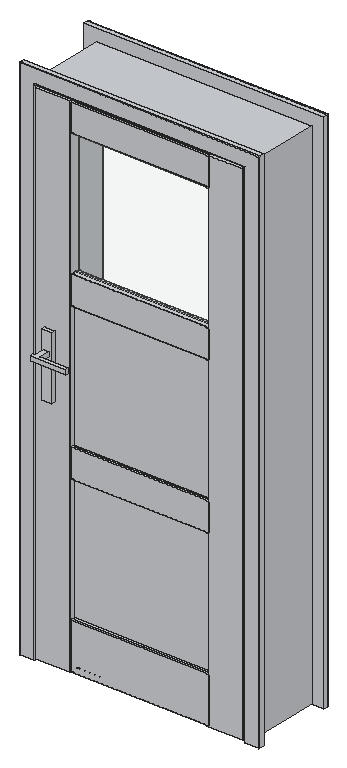
Revit family "b_portagrande_b1_pn60-100", category Drzwi, Revit 2016
Family settings
  Obiekt nadrzędny = Ściana
  Zawsze pionowo = Tak
  Tnij formami wycięć po wczytaniu = Nie
  Współdzielony = Nie
  Punkt obliczania pomieszczeń = Nie
Parameters (values of type "PN 80")
  Zakres szerokości muru [instance] = if(and(Szerokość ściany > 94 mm, Szerokość ściany < 120 mm), "B", (if(and(Szerokość ściany > 119 mm, Szerokość ściany < 140 mm), "C", (if(and(Szerokość ściany > 139 mm, Szerokość ściany < 160 mm), "D", (if(and(Szerokość ściany > 159 mm, Szerokość ściany < 180 mm), "E", (if(and(Szerokość ściany > 179 mm, Szerokość ściany < 200 mm), "F", (if(and(Szerokość ściany > 199 mm, Szerokość ściany < 220 mm), "G", (if(and(Szerokość ściany > 219 mm, Szerokość ściany < 240 mm), "H", (if(and(Szerokość ściany > 239 mm, Szerokość ściany < 260 mm), "I", (if(and(Szerokość ściany > 259 mm, Szerokość ściany < 280 mm), "J", (if(and(Szerokość ściany > 279 mm, Szerokość ściany < 301 mm), "K", "BRAK")))))))))))))))))))  # "K"
  Wysokość brutto = 2060 mm
  Szerokość ściany [instance] = 300 mm
  Szerokość brutto = 880 mm
  Model = "Porta GRANDE B.1"
  Materiał_szyba [instance] = Szkło
  Konstrukcja analityczna = "<Brak>"
  Funkcja = Wewnętrzna
  URL = "www.porta.com.pl"
  Ss = 818 mm
  Sb = 846 mm
  Producent = "PORTA KMI POLAND"  # constant formula
  Keynote = ""
  Opis = "Własność Porta KMI Poland, wszelkie prawa zastrzeżone."  # constant formula
  Wysokość = 2016 mm
  Zakończenie ściany = Wg obiektu nadrzędnego
  Szerokość = 800 mm
  Materiał_skrzydło [instance] = none
  Materiał_ościeżnica [instance] = none
  Materiał_klamka [instance] = none
  Hs = 2017 mm
Types (5, lengths in mm): name | Szerokość brutto | Materiał_szyba | Ss | Sb | Szerokość
  PN 70 | 780 | none | 718 | 746 | 700
  PN 60 | 680 | none | 618 | 646 | 600
  PN 80 | 880 | Szkło | 818 | 846 | 800
  PN 90 | 980 | none | 918 | 946 | 900
  PN 100 | 1080 | none | 1018 | 1046 | 1000
Reference planes
  plane 1: y = 0
  plane 2 "Środek (Lewa/Prawa)": x = 0
  plane 3 "Lewy": x = -440
  plane 4 "Prawy": x = 440
  plane 5: z = 2060
  plane 6 "Zewnętrzna": y = 150
  plane 7 "Wewnętrzna": y = -150
  plane 8 "skrzydło": y = -129
Forms (mm)
  Sweep 1, solid, material <- "Materiał_ościeżnica"
    path in 3D
      loop
        line (-440, -150, 0) -> (-440, -150, 2060) -> (440, -150, 2060) -> (440, -150, 0)
    profile origin (-440, -150, 1030) x (0, -1, 0) y (1, 0, 0)
      loop
        line (-24, 39) -> (-72, 39) -> (-72, 17) -> (0, 17) -> (0, -33) -> (16, -33)
        arc (16, -33) -> (18.121, -32.121) -> (19, -30) r 3
        line (19, -30) -> (19, 24)
        arc (19, 24) -> (18.121, 26.121) -> (16, 27) r 3
        line (16, 27) -> (-24, 27) -> (-24, 39)
  Sweep 2, solid, material <- "Materiał_ościeżnica"
    path in 3D
      loop
        line (440, 150, 0) -> (440, 150, 2060) -> (-440, 150, 2060) -> (-440, 150, 0)
    profile origin (-440, 150, 1030) x (1, 0, 0) y (0, 1, 0)
      loop
        line (-33, 0) -> (17, 0) -> (17, -228) -> (39, -228) -> (39, -1)
        arc (39, -1) -> (37.536, 2.536) -> (34, 4) r 5
        line (34, 4) -> (25, 4) -> (25, 16)
        arc (25, 16) -> (24.121, 18.121) -> (22, 19) r 3
        line (22, 19) -> (-30, 19)
        arc (-30, 19) -> (-32.121, 18.121) -> (-33, 16) r 3
        line (-33, 16) -> (-33, 0)
  Sweep 3, solid, not visible
    path in 3D
      loop
        line (-440, -150, 0) -> (-440, -150, 2060)
    profile origin (-440, -150, 1030) x (0, -1, 0) y (1, 0, 0)
      loop
        line (-151, 17) -> (-149, 17) -> (-149, 19) -> (-151, 19) -> (-151, 17)
Cuts and joins
  joined: Sweep 1, Sweep 2
Lines and regions (mm)
  Opening 1
    outline origin (-3050, -150, 0) x (1, 0, 0) y (0, 0, 1)
      loop
        line (2610, 0) -> (3490, 0) -> (3490, 2060) -> (2610, 2060) -> (2610, 0)
  sketch lines
    curve 1: line (-440, -150, 0) -> (-440, -150, 2060)
    curve 2: line (-440, -150, 2060) -> (440, -150, 2060)
    curve 3: line (440, -150, 2060) -> (440, -150, 0)
    curve 4: line (-440, 150, 2060) -> (-440, 150, 0)
    curve 5: line (440, 150, 2060) -> (-440, 150, 2060)
    curve 6: line (440, 150, 0) -> (440, 150, 2060)
    curve 12: line (-440, -150, 0) -> (-440, -150, 2060)
  symbolic lines, style "DoorsPanelProjection"
    curve 7: line (409, -150, 0) -> (409, -968, 0)
    curve 8: line (409, -968, 0) -> (369, -968, 0)
    curve 9: line (369, -968, 0) -> (369, -150, 0)
    curve 10: line (369, -150, 0) -> (409, -150, 0)
  symbolic lines, style "Ugięcie rzutu"
    curve 11: arc (-409, -150, 0) -> (-169.413, -728.413, 0) -> (409, -968, 0) r 818
Text (mm)
  text "Zewnętrzna" at (-2295.016, 1099.543, 0), in view "Poziom odniesienia"
  text "Zewnętrzna" at (0, 1615.38, 3698.081), in view "Lewy"
  text "Zewnętrzna" at (0, 1036.032, 3874.932), in view "Prawy"
Dimensions and locks
  equal spacing: plane 3 "Lewy", plane 2 "Środek (Lewa/Prawa)", plane 4 "Prawy"
  "Szerokość brutto": plane 3 "Lewy" to plane 4 "Prawy"
  "Wysokość brutto": plane 5 to host wall
  host wall to plane 5 = 2060 mm  (x2)
  locked: plane 6 "Zewnętrzna" to host wall at 0
  locked: plane 7 "Wewnętrzna" to host wall
  "Sb": Sweep 1 to Sweep 1
  locked: Sweep 1 sketch curve to Sweep 1 sketch curve at 22
  Sweep 1 sketch curve to Sweep 1 sketch curve = 50 mm
  locked: Sweep 1 sketch curve to profile plane at 72
  locked: Sweep 2 sketch curve to Sweep 2 sketch curve at 50
  locked: Sweep 2 sketch curve to Sweep 2 sketch curve at 22
  locked: Sweep 2 sketch curve to plane 6 "Zewnętrzna" at 1
  locked: curve 9 to curve 7 at 40
  "Ss": curve 8 to curve 10
  equal spacing: curve 11, plane 2 "Środek (Lewa/Prawa)", curve 7
  locked: plane 7 "Wewnętrzna" to plane 8 "skrzydło" at 21
  locked: host wall to Sweep 3 sketch curve at 1
  locked: Sweep 3 sketch curve to host wall at 1
  locked: Sweep 3 sketch curve to plane 6 "Zewnętrzna" at 151
  locked: plane 7 "Wewnętrzna" to Sweep 3 sketch curve at 151
  equal spacing: nested 1, plane 2 "Środek (Lewa/Prawa)", nested 1
  locked: nested 1 to level at 8
  "Szerokość ściany": host wall to host wall
  aligned and locked: plane 3 "Lewy" to Opening 1 sketch curve
  aligned and locked: plane 5 to Opening 1 sketch curve  (x2)
  aligned and locked: Opening 1 sketch curve to plane 4 "Prawy"
  aligned and locked: Opening 1 sketch curve to level
  aligned and locked: plane 1 to host wall
  aligned and locked: Sweep 1 to Sweep 2 sketch curve
  aligned and locked: plane 7 "Wewnętrzna" to curve 10
  aligned and locked: Sweep 3 sketch curve to cut or joined group of Sweep 1, Sweep 2
  aligned and locked: Sweep 2 sketch curve to cut or joined group of Sweep 1, Sweep 2
  aligned and locked: nested 1 to plane 8 "skrzydło"
Automatic sketch dimensions
  profile plane to Sweep 1 sketch curve = 24 mm
  Sweep 1 sketch curve to profile plane = 16 mm  (x2)
  Sweep 1 sketch curve to Sweep 1 sketch curve = 3 mm
  profile plane to Sweep 1 sketch curve = 17 mm
  Sweep 1 sketch curve to Sweep 1 sketch curve = 7 mm
  Sweep 1 sketch curve to profile plane = 0 mm
  Sweep 2 sketch curve to profile plane = 0 mm
  Sweep 2 sketch curve to profile plane = 16 mm
  Sweep 2 sketch curve to Sweep 2 sketch curve = 3 mm
  Sweep 2 sketch curve to Sweep 2 sketch curve = 5 mm
  Sweep 2 sketch curve to profile plane = 4 mm
  Sweep 2 sketch curve to Sweep 2 sketch curve = 8 mm
  curve 11 to host wall = 0 mm
  Sweep 3 sketch curve to Sweep 3 sketch curve = 2 mm
Nested families
  nested 1: "skrzydło" at (0, -135.5, 0), Materiał_klamka <- "Materiał_klamka", Materiał_skrzydło <- "Materiał_skrzydło", Materiał_szyba <- "Materiał_szyba", type "skrzydło"
    with Materiał_szyba Szkło, Materiał_skrzydło none, Materiał_klamka none
Definition of nested family "skrzydło"
  Parameters
    Ss = 818 mm
    Materiał_szyba [instance] = none
    Materiał_skrzydło [instance] = none
    Materiał_klamka [instance] = none
    Hs = 2017 mm
  Reference planes
    plane 1 "Tył": y = 6.5
    plane 2: z = 0
    plane 3 "Środek (Lewa/Prawa)": x = 0
    plane 4 "Lewa": x = -409
    plane 5 "Prawa": x = 409
    plane 6 "Przód": y = -33.5
    plane 7: z = 2025
    plane 8 "Centrum": y = -13.5
    plane 9: z = 8
    plane 10: x = -272
    plane 11: x = 272
  Forms (mm)
    Extrusion 1, solid, material <- "Materiał_skrzydło"
      sketch origin (-1191.728, -1524, 8) x (-1, 0, 0) y (0, -1, 0)
        loop
          line (-1465.378, -1490.5) -> (-1599.078, -1490.5)
          arc (-1599.078, -1490.5) -> (-1600.244, -1490.983) -> (-1600.728, -1492.15) r 1.65
          line (-1600.728, -1492.15) -> (-1600.728, -1528.8)
          arc (-1600.728, -1528.8) -> (-1600.23, -1530.002) -> (-1599.028, -1530.5) r 1.7
          line (-1599.028, -1530.5) -> (-1465.378, -1530.5)
          arc (-1465.378, -1530.5) -> (-1464.211, -1530.017) -> (-1463.728, -1528.85) r 1.65
          line (-1463.728, -1528.85) -> (-1463.728, -1492.15)
          arc (-1463.728, -1492.15) -> (-1464.211, -1490.983) -> (-1465.378, -1490.5) r 1.65
      from 0 to 2017
    Extrusion 2, solid, material <- "Materiał_skrzydło"
      sketch origin (0, 0, 0) x (0, 1, 0) y (0, 0, 1)
        loop
          line (4, 1911.65) -> (4, 2023.3)
          arc (4, 2023.3) -> (3.502, 2024.502) -> (2.3, 2025) r 1.7
          line (2.3, 2025) -> (-29.35, 2025)
          arc (-29.35, 2025) -> (-30.517, 2024.517) -> (-31, 2023.35) r 1.65
          line (-31, 2023.35) -> (-31, 1911.65)
          arc (-31, 1911.65) -> (-30.517, 1910.483) -> (-29.35, 1910) r 1.65
          line (-29.35, 1910) -> (2.35, 1910)
          arc (2.35, 1910) -> (3.517, 1910.483) -> (4, 1911.65) r 1.65
        loop
          line (2.35, 195) -> (-29.35, 195)
          arc (-29.35, 195) -> (-30.517, 194.517) -> (-31, 193.35) r 1.65
          line (-31, 193.35) -> (-31, 9.65)
          arc (-31, 9.65) -> (-30.517, 8.483) -> (-29.35, 8) r 1.65
          line (-29.35, 8) -> (-25, 8)
          arc (-25, 8) -> (-23.833, 8.483) -> (-23.35, 9.65) r 1.65
          arc (-23.35, 9.65) -> (-22.955, 10.605) -> (-22, 11) r 1.35
          line (-22, 11) -> (-5, 11)
          arc (-5, 11) -> (-4.045, 10.605) -> (-3.65, 9.65) r 1.35
          arc (-3.65, 9.65) -> (-3.167, 8.483) -> (-2, 8) r 1.65
          line (-2, 8) -> (2.35, 8)
          arc (2.35, 8) -> (3.517, 8.483) -> (4, 9.65) r 1.65
          line (4, 9.65) -> (4, 193.35)
          arc (4, 193.35) -> (3.517, 194.517) -> (2.35, 195) r 1.65
        loop
          line (2.35, 805) -> (-29.35, 805)
          arc (-29.35, 805) -> (-30.517, 804.517) -> (-31, 803.35) r 1.65
          line (-31, 803.35) -> (-31, 691.65)
          arc (-31, 691.65) -> (-30.517, 690.483) -> (-29.35, 690) r 1.65
          line (-29.35, 690) -> (2.35, 690)
          arc (2.35, 690) -> (3.517, 690.483) -> (4, 691.65) r 1.65
          line (4, 691.65) -> (4, 803.35)
          arc (4, 803.35) -> (3.517, 804.517) -> (2.35, 805) r 1.65
        loop
          line (2.35, 1415) -> (-29.35, 1415)
          arc (-29.35, 1415) -> (-30.517, 1414.517) -> (-31, 1413.35) r 1.65
          line (-31, 1413.35) -> (-31, 1301.65)
          arc (-31, 1301.65) -> (-30.517, 1300.483) -> (-29.35, 1300) r 1.65
          line (-29.35, 1300) -> (2.35, 1300)
          arc (2.35, 1300) -> (3.517, 1300.483) -> (4, 1301.65) r 1.65
          line (4, 1301.65) -> (4, 1413.35)
          arc (4, 1413.35) -> (3.517, 1414.517) -> (2.35, 1415) r 1.65
      from -272 to 272
    Extrusion 3, solid, material <- "Materiał_szyba"
      sketch origin (-892.016, -13.5, 1213) x (-1, 0, 0) y (0, 0, 1)
        loop
          line (-620.016, 697) -> (-1164.016, 697) -> (-1164.016, 202) -> (-620.016, 202) -> (-620.016, 697)
      from -2 to 2
    Extrusion 4, solid, material <- "Materiał_skrzydło"
      sketch origin (-892.016, -13.5, 1213) x (-1, 0, 0) y (0, 0, 1)
        loop
          line (-620.016, -408) -> (-620.016, 87) -> (-1164.016, 87) -> (-1164.016, -408) -> (-620.016, -408)
      from -4 to 4
    Extrusion 5, solid, material <- "Materiał_skrzydło"
      sketch origin (-892.016, -13.5, 1200) x (-1, 0, 0) y (0, 0, 1)
        loop
          line (-620.016, -510) -> (-1164.016, -510) -> (-1164.016, -1005) -> (-620.016, -1005) -> (-620.016, -510)
      from -4 to 4
    Extrusion 6, solid, material <- "Materiał_skrzydło"
      sketch origin (-1191.728, -1524, 8) x (-1, 0, 0) y (0, -1, 0)
        loop
          arc (-918.078, -1490.5) -> (-919.244, -1490.983) -> (-919.728, -1492.15) r 1.65
          line (-919.728, -1492.15) -> (-919.728, -1528.85)
          arc (-919.728, -1528.85) -> (-919.244, -1530.017) -> (-918.078, -1530.5) r 1.65
          line (-918.078, -1530.5) -> (-784.428, -1530.5)
          arc (-784.428, -1530.5) -> (-783.225, -1530.002) -> (-782.728, -1528.8) r 1.7
          line (-782.728, -1528.8) -> (-782.728, -1492.15)
          arc (-782.728, -1492.15) -> (-783.211, -1490.983) -> (-784.378, -1490.5) r 1.65
          line (-784.378, -1490.5) -> (-918.078, -1490.5)
      from 0 to 2017
  Dimensions and locks
    equal spacing: plane 4 "Lewa", plane 3 "Środek (Lewa/Prawa)", plane 5 "Prawa"
    "Ss": plane 4 "Lewa" to plane 5 "Prawa"
    locked: plane 9 to level at 8
    "Hs": plane 7 to plane 9
    locked: nested 1 to plane 9 at 934
    locked: plane 9 to nested 2 at 934
    equal spacing: plane 6 "Przód", plane 8 "Centrum", plane 1 "Tył"
    locked: plane 10 to plane 4 "Lewa" at 137
    locked: plane 5 "Prawa" to plane 11 at 137
    aligned and locked: nested 1 to plane 6 "Przód"
    aligned and locked: plane 5 "Prawa" to Extrusion 1 sketch curve
    aligned and locked: Extrusion 1 sketch curve to plane 1 "Tył"
    aligned and locked: Extrusion 1 sketch curve to plane 6 "Przód"
    aligned and locked: Extrusion 1 sketch curve to plane 11
    aligned and locked: plane 7 to Extrusion 1
    aligned and locked: Extrusion 2 to plane 10
    aligned and locked: plane 11 to Extrusion 2
    aligned and locked: plane 10 to Extrusion 3 sketch curve
    aligned and locked: plane 11 to Extrusion 3 sketch curve
    aligned and locked: Extrusion 2 to Extrusion 4 sketch curve  (x2)
    aligned and locked: plane 10 to Extrusion 5 sketch curve
    aligned and locked: plane 11 to Extrusion 5 sketch curve
    aligned and locked: plane 4 "Lewa" to Extrusion 6 sketch curve
    aligned and locked: Extrusion 6 sketch curve to plane 10
    aligned and locked: plane 7 to Extrusion 6
    aligned and locked: nested 2 to nested 1
  Automatic sketch dimensions
    Extrusion 4 sketch curve to plane 7 = 725 mm
    Extrusion 4 sketch curve to Extrusion 4 sketch curve = 495 mm
    Extrusion 6 sketch curve to plane 6 "Przód" = 0 mm
    plane 1 "Tył" to Extrusion 6 sketch curve = 0 mm
    Extrusion 6 sketch curve to plane 10 = 1.65 mm
    plane 1 "Tył" to Extrusion 6 sketch curve = 1.65 mm
    plane 4 "Lewa" to Extrusion 6 sketch curve = 1.7 mm
    plane 4 "Lewa" to Extrusion 6 sketch curve = 1.65 mm
    Extrusion 1 sketch curve to Extrusion 1 sketch curve = 1.65 mm
    Extrusion 1 sketch curve to plane 5 "Prawa" = 1.7 mm
    plane 11 to Extrusion 1 sketch curve = 1.65 mm  (x2)
    Extrusion 2 sketch curve to plane 7 = 0 mm
    Extrusion 2 sketch curve to plane 9 = 0 mm  (x2)
    plane 6 "Przód" to Extrusion 2 sketch curve = 2.5 mm  (x4)
    Extrusion 2 sketch curve to plane 7 = 1.65 mm
    Extrusion 2 sketch curve to Extrusion 2 sketch curve = 1.65 mm  (x11)
    plane 9 to Extrusion 2 sketch curve = 1.65 mm  (x2)
    Extrusion 2 sketch curve to Extrusion 2 sketch curve = 4.35 mm
    Extrusion 2 sketch curve to Extrusion 2 sketch curve = 0 mm  (x2)
    Extrusion 2 sketch curve to Extrusion 2 sketch curve = 1.35 mm
    plane 8 "Centrum" to Extrusion 2 sketch curve = 8.5 mm
    Extrusion 2 sketch curve to plane 7 = 1.7 mm
    plane 1 "Tył" to Extrusion 2 sketch curve = 4.2 mm
    plane 1 "Tył" to Extrusion 2 sketch curve = 4.15 mm  (x6)
    Extrusion 2 sketch curve to Extrusion 2 sketch curve = 182.35 mm
    Extrusion 2 sketch curve to Extrusion 2 sketch curve = 495 mm  (x2)
    Extrusion 2 sketch curve to Extrusion 2 sketch curve = 111.7 mm  (x2)
    Extrusion 2 sketch curve to Extrusion 2 sketch curve = 113.3 mm
    Extrusion 3 sketch curve to plane 7 = 610 mm
    Extrusion 3 sketch curve to plane 7 = 115 mm
    plane 9 to Extrusion 5 sketch curve = 187 mm
    Extrusion 5 sketch curve to Extrusion 5 sketch curve = 495 mm
  Nested families
    nested 1: "KLAMKA" at (-354, -33.5, 1067), Materiał klamki <- "Materiał_klamka", type "KLAMKA"
      with Materiał klamki none
    nested 2: "KLAMKA" at (-354, 6.5, 1067), Materiał klamki <- "Materiał_klamka", type "KLAMKA"
      with Materiał klamki none
  Definition of nested family "KLAMKA"
    Parameters
      Materiał klamki [instance] = none
      Assembly Code = ""
      Default Elevation = 1219.2 mm
    Reference planes
      plane 1 "Center (Front/Back)": y = 0
      plane 2: z = 0
      plane 3 "Center (Left/Right)": x = 0
      plane 4: z = 125
      plane 5: z = -125
      plane 6: x = 20
      plane 7: x = -20
      plane 8: y = -70
      plane 9: y = -60
      plane 10: x = 10
      plane 11: x = -10
      plane 12: x = 120
      plane 13: z = 35
      plane 14: z = 55
      plane 15: y = -15
    Forms (mm)
      Extrusion 1, solid, material <- "Materiał klamki"
        sketch origin (0, 0, 0) x (1, 0, 0) y (0, 0, 1)
          loop
            line (-20, 125) -> (-20, -125) -> (20, -125) -> (20, 125) -> (-20, 125)
        from 0 to 15
      Extrusion 2, solid, material <- "Materiał klamki"
        sketch origin (0, 0, 0) x (1, 0, 0) y (0, 1, 0)
          loop
            line (-10, -15) -> (-10, -60) -> (-20, -60) -> (-20, -70) -> (120, -70) -> (120, -60) -> (10, -60) -> (10, -15) -> (-10, -15)
        from 35 to 55
    Dimensions and locks
      equal spacing: plane 4, plane 2, plane 5
      plane 4 to plane 5 = 250 mm
      equal spacing: plane 7, plane 3 "Center (Left/Right)", plane 6
      plane 7 to plane 6 = 40 mm
      plane 8 to plane 1 "Center (Front/Back)" = 70 mm
      plane 11 to plane 3 "Center (Left/Right)" to plane 10 = 10 mm locked, 10 mm locked
      plane 7 to plane 12 = 140 mm
      plane 15 to plane 1 "Center (Front/Back)" = 15 mm
      aligned and locked: plane 7 to Extrusion 1 sketch curve
      aligned and locked: Extrusion 1 sketch curve to plane 4
      aligned and locked: plane 5 to Extrusion 1 sketch curve
      aligned and locked: Extrusion 1 sketch curve to plane 6
      aligned and locked: plane 15 to Extrusion 1
      aligned and locked: Extrusion 1 to plane 1 "Center (Front/Back)"
      aligned and locked: plane 14 to Extrusion 2
      aligned and locked: Extrusion 2 to plane 13
    Automatic sketch dimensions
      Extrusion 2 sketch curve to plane 7 = 0 mm
      Extrusion 2 sketch curve to plane 9 = 0 mm  (x2)
      Extrusion 2 sketch curve to plane 11 = 0 mm
      Extrusion 2 sketch curve to plane 10 = 0 mm
      Extrusion 2 sketch curve to plane 12 = 0 mm
      Extrusion 2 sketch curve to plane 8 = 0 mm
      Extrusion 2 sketch curve to plane 15 = 0 mm
